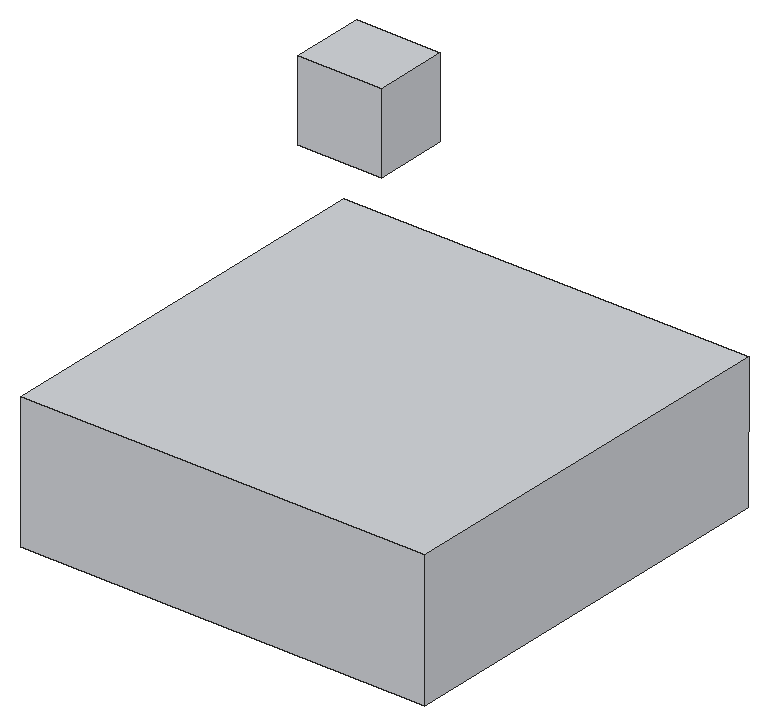
Revit family
Reference planes (in)
  plane 1 "Center (Front/Back)": y = 0
  plane 2: z = 0
  plane 3 "Center (Left/Right)": x = 0
  plane 4 "bottom of box": z = -2
  plane 5 "diag2": through (3, -3, 48) normal (-0.7071, -0.7071, 0)
  plane 6 "diag1": through (-3, -3, 48) normal (-0.7071, 0.7071, 0)
Forms (in)
  Extrusion 1, solid
    sketch origin (0, 0, -3.81524) x (0, 1, 0) y (0, 0, 1)
      loop
        line (-3, 0) -> (-3, -2) -> (3, -2) -> (3, 0) -> (-3, 0)
    from 3 to -3
  Extrusion 2, solid
    sketch origin (0, 0, 0) x (1, 0, 0) y (0, 0, 1)
      loop
        line (-0.64933, 0.57187) -> (-0.64933, -0.60901) -> (0.59306, -0.60901) -> (0.59306, 0.57187) -> (-0.64933, 0.57187)
    from 0.79375 to -0.2962
Lines and regions (in)
  model lines
    curve 1: line (3, 3, -5.81524) -> (3, 2.25, -7.11427)
    curve 2: line (3, -3, -5.81524) -> (3, -3.75, -7.11427)
    curve 3: line (3, 1.8, -5.81524) -> (3, 1.05, -7.11427)
    curve 4: line (3, 0.6, -5.81524) -> (3, -0.15, -7.11427)
    curve 5: line (3, -0.6, -5.81524) -> (3, -1.35, -7.11427)
    curve 6: line (3, -1.8, -5.81524) -> (3, -2.55, -7.11427)
    curve 7: line (-3, 3, -5.81524) -> (-3, 2.25, -7.11427)
    curve 8: line (-3, -3, -5.81524) -> (-3, -3.75, -7.11427)
    curve 9: line (-3, 1.8, -5.81524) -> (-3, 1.05, -7.11427)
    curve 10: line (-3, 0.6, -5.81524) -> (-3, -0.15, -7.11427)
    curve 11: line (-3, -0.6, -5.81524) -> (-3, -1.35, -7.11427)
    curve 12: line (-3, -1.8, -5.81524) -> (-3, -2.55, -7.11427)
    curve 13: line (1.8, 3, -5.81524) -> (1.8, 2.25, -7.11427)
    curve 14: line (1.8, -3, -5.81524) -> (1.8, -3.75, -7.11427)
    curve 15: line (1.8, 1.8, -5.81524) -> (1.8, 1.05, -7.11427)
    curve 16: line (1.8, 0.6, -5.81524) -> (1.8, -0.15, -7.11427)
    curve 17: line (1.8, -0.6, -5.81524) -> (1.8, -1.35, -7.11427)
    curve 18: line (1.8, -1.8, -5.81524) -> (1.8, -2.55, -7.11427)
    curve 19: line (0.6, 3, -5.81524) -> (0.6, 2.25, -7.11427)
    curve 20: line (0.6, -3, -5.81524) -> (0.6, -3.75, -7.11427)
    curve 21: line (0.6, 1.8, -5.81524) -> (0.6, 1.05, -7.11427)
    curve 22: line (0.6, 0.6, -5.81524) -> (0.6, -0.15, -7.11427)
    curve 23: line (0.6, -0.6, -5.81524) -> (0.6, -1.35, -7.11427)
    curve 24: line (0.6, -1.8, -5.81524) -> (0.6, -2.55, -7.11427)
    curve 25: line (-0.6, 3, -5.81524) -> (-0.6, 2.25, -7.11427)
    curve 26: line (-0.6, -3, -5.81524) -> (-0.6, -3.75, -7.11427)
    curve 27: line (-0.6, 1.8, -5.81524) -> (-0.6, 1.05, -7.11427)
    curve 28: line (-0.6, 0.6, -5.81524) -> (-0.6, -0.15, -7.11427)
    curve 29: line (-0.6, -0.6, -5.81524) -> (-0.6, -1.35, -7.11427)
    curve 30: line (-0.6, -1.8, -5.81524) -> (-0.6, -2.55, -7.11427)
    curve 31: line (-1.8, 3, -5.81524) -> (-1.8, 2.25, -7.11427)
    curve 32: line (-1.8, -3, -5.81524) -> (-1.8, -3.75, -7.11427)
    curve 33: line (-1.8, 1.8, -5.81524) -> (-1.8, 1.05, -7.11427)
    curve 34: line (-1.8, 0.6, -5.81524) -> (-1.8, -0.15, -7.11427)
    curve 35: line (-1.8, -0.6, -5.81524) -> (-1.8, -1.35, -7.11427)
    curve 36: line (-1.8, -1.8, -5.81524) -> (-1.8, -2.55, -7.11427)
    curve 43: line (3, 3, -3.81524) -> (0, 0, 0)
    curve 44: line (0, 0, 0) -> (-3, -3, -3.81524)
    curve 45: line (3, -3, -3.81524) -> (0, 0, 0)
    curve 46: line (0, 0, 0) -> (-3, 3, -3.81524)
  symbolic lines
    curve 37: line (3, 0, -5.81524) -> (3.9096, 0, -7.11427)
    curve 38: line (1.8, 0, -5.81524) -> (2.7096, 0, -7.11427)
    curve 39: line (0.6, 0, -5.81524) -> (1.5096, 0, -7.11427)
    curve 40: line (-0.6, 0, -5.81524) -> (0.3096, 0, -7.11427)
    curve 41: line (-1.8, 0, -5.81524) -> (-0.8904, 0, -7.11427)
    curve 42: line (-3, 0, -5.81524) -> (-2.0904, 0, -7.11427)
